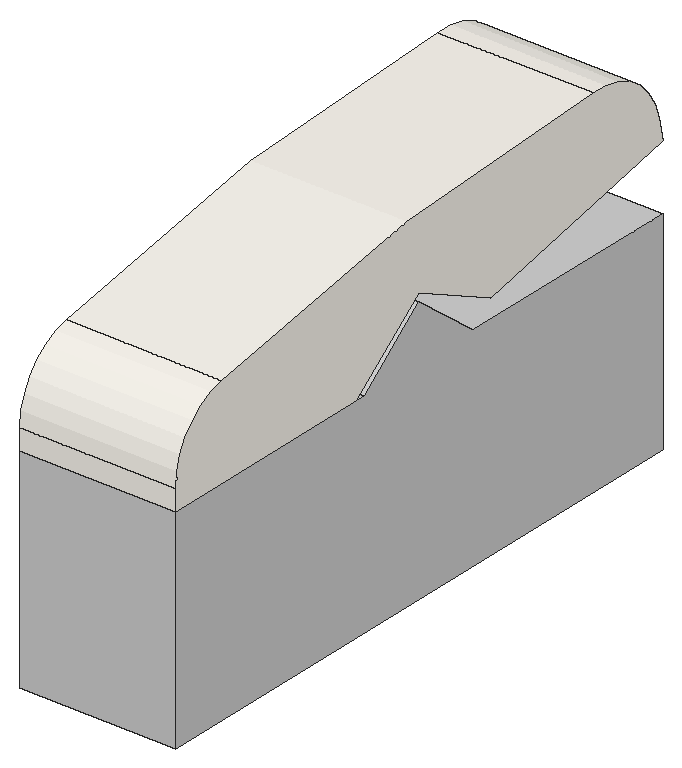
Revit family "Domotics-DomesticRanges-GEWISS-CHORUS_COMMAND-TWO-WAY_SWITCH_05M", category Apparecchi elettrici, host Superficie, Revit 2016
Family settings
  Host = Superficie
  Mantenere orientamento annotazione = Sì
  Tipo di parte = Normale
  Quota connettore circolare = Usa diametro
  Numero OmniClass = 23.80.50.11.14
  Titolo OmniClass = Switches
  Taglio con vuoti quando caricato = Sì
  Condiviso = Sì
  Punto di calcolo locali = No
Parameters (values of type "GW14061 - Titanium")
  Wiring terminals = "With screw"
  Voltage: = "250 V ac"
  Volt = 0 V
  Vista di pianta [instance] = yes
  Version file RFA = "19.0"
  URL = "https://www.gewiss.com/ww/en"
  Type = "General"
  Tipo_ = CHORUS DEVIATORI 05M_BASE : GW14054 - Titanio
  Thermo-pressure with ball = "125 °C"
  Terminal tightening capacity rigid cables (mm2) = "min. 0,5 - max. 2x2,5"
  Terminal tightening capacity flexible cables (mm2) = "min. 0,75 - max. 2x4"
  Terminal grip on cable traction = "> 50 N"
  Technical sheet = "https://www.gewiss.com/ww/en/search?q=GW14061"
  Standard; = "EN 60669-1"
  Simbolo_ = SIMBOLO DEVIATORI : DEV1P
  SIMBOLO [instance] = yes
  SEO = "2 way switch"
  Resistance at test voltage = "2000 V at 50 Hz for 1 minute"
  Realized by GEWISS S.p.A. = ""
  Prolonged operation (no.of position changes) = "40.000 at In 250 V ac cosØ=0,6"
  Produttore = "GEWISS S.p.A."
  Offset pulsante [instance] = 0 mm
  Offset bidimensionale [instance] = 2 mm
  No. Chorus modules = "1/2"
  N. poli = 1
  Modello = "GW14061"
  Larghezza pulsante = 11.5 mm
  Insulation resistance = "> 5 MOhm"
  IFC.TypeObject = ""
  IFC.ExportType = ""
  IFC.ExportAs = ""
  IDT = "787a1ab5-a9e8-46ba-8a65-4ed75fbb2ff2"
  IDF = "cabf7e10-7a13-426c-a593-8463eb0fb710"
  Glow Wire Test = "850°C"
  Electrocod = "0130"
  EAN code = "8011564265585"
  Distanza_x [instance] = 0 mm
  Distanza_effettiva_x [instance] = 1500 mm - Distanza_x  # 1500 mm
  Default Elevation = 1219.2 mm
  Immagine tipo = GW14061.jpg
  Descrizione = "2-WAY SWITCH, 1/2M 1P 10AX TITANIUM"
  Description: = "1P - 10AX"
  Colour = "Titanium"
  Category = "Two-way switch"
  Catalogue Range = "CHORUS - DOMESTIC RANGE"
  Catalogue = "DOMOTICS"
  Carico apparente = 0 VA
  COBie.Tagnumber = ""
  COBie.CreatedOn = ""
  COBie.CreatebBy = ""
  COBie.ComponentRegisterItemID = ""
  COBie.Component.TagNumber = ""
  COBie.Component.Space = ""
  COBie.Component.SerialNumber = ""
  COBie.Component.InstallationDate = ""
  COBie.Component.Description = ""
  COBie.Component.BarCode = ""
  Button key = "Neutral"
  Breaking capacity: = "1.25 In (200 position changes)"
Types (3, lengths in mm): name | Tipo_ | Technical sheet | Modello | IDT | EAN code | Immagine tipo | Descrizione | Colour
  GW12061 - Black | CHORUS DEVIATORI 05M_BASE : GW12054 - Nero | "https://www.gewiss.com/ww/en/search?q=GW12061" | "GW12061" | "56ecccb0-b7ad-4daf-91dd-3408d16d9a8c" | "8011564269347" | GW12061.jpg | "2-WAY SWITCH, 1/2M 1P 10AX BLACK" | "Black"
  GW10061 - White | CHORUS DEVIATORI 05M_BASE : GW10054 - Bianco | "https://www.gewiss.com/ww/en/search?q=GW10061" | "GW10061" | "30b1a019-5209-4307-b6bc-74a945fa1663" | "8011564261013" | GW10061.jpg | "2-WAY SWITCH, 1/2M 1P 10AX WHITE" | "White"
  GW14061 - Titanium | CHORUS DEVIATORI 05M_BASE : GW14054 - Titanio | "https://www.gewiss.com/ww/en/search?q=GW14061" | "GW14061" | "787a1ab5-a9e8-46ba-8a65-4ed75fbb2ff2" | "8011564265585" | GW14061.jpg | "2-WAY SWITCH, 1/2M 1P 10AX TITANIUM" | "Titanium"
Reference planes
  plane 1 "Centro (Fronte/Retro)": y = 0
  plane 2: z = 0
  plane 3 "Centro (Sinistra/Destra)": x = 0
  plane 4: z = 0
  plane 5 "piano bidimensionale": z = 28
  plane 6: x = -5.75
  plane 7: x = 5.75
  plane 8: z = 26
  plane 9: x = -1500
  plane 10: x = 0
  plane 11: y = 50
Lines and regions (mm)
  Masking region 1, visible <- "Vista di pianta"
    outline origin (0, 0, 0) x (1, 0, 0) y (0, 0, 1)
      loop
        line (-5.75, 26) -> (-5.75, 0) -> (5.75, 0) -> (5.75, 26) -> (-5.75, 26)
  Masking region 2, detail levels coarse
    outline origin (0, 0, 0) x (0, 1, 0) y (0, 0, 1)
      loop
        line (-22.5, 0) -> (22.519, 0) -> (22.519, 28) -> (-22.5, 28) -> (-22.5, 0)
  model lines, style "pulsanti", detail levels coarse
    curve 1: line (-5.75, 22.519, 28) -> (5.75, 22.519, 28)
    curve 2: line (-5.75, -22.5, 28) -> (-5.75, 22.519, 28)
    curve 3: line (5.75, -22.5, 28) -> (-5.75, -22.5, 28)
    curve 4: line (5.75, 22.519, 28) -> (5.75, -22.5, 28)
Dimensions and locks
  "Offset pulsante": plane 4 to host face
  equal spacing: plane 6, plane 3 "Centro (Sinistra/Destra)", plane 7
  "Larghezza pulsante": plane 6 to plane 7
  locked: plane 8 to plane 4 at 26
  plane 9 to plane 3 "Centro (Sinistra/Destra)" = 1500 mm
  "Distanza_effettiva_x": plane 9 to plane 10
  plane 11 to plane 1 "Centro (Fronte/Retro)" = 50 mm
  "Offset bidimensionale": plane 5 "piano bidimensionale" to plane 8
  aligned and locked: plane 2 to host face
  aligned and locked: level to host face
  aligned and locked: nested 1 to plane 4
  aligned and locked: curve 2 to nested 1
  aligned and locked: curve 3 to nested 1
  aligned and locked: curve 4 to nested 1
  aligned and locked: Masking region 1 sketch curve to plane 8
  aligned and locked: plane 6 to Masking region 1 sketch curve
  aligned and locked: plane 4 to Masking region 1 sketch curve
  aligned and locked: Masking region 1 sketch curve to nested 1
  aligned and locked: plane 10 to nested 2
  aligned and locked: nested 2 to plane 11
  aligned and locked: Masking region 2 sketch curve to nested 1  (x2)
  aligned and locked: Masking region 2 sketch curve to curve 2
Automatic sketch dimensions
  host sketch curve to host sketch curve = 2438.4 mm  (x2)
  curve 1 to plane 1 "Centro (Fronte/Retro)" = 22.519 mm
  Masking region 2 sketch curve to plane 1 "Centro (Fronte/Retro)" = 22.519 mm
Nested families
  nested 1: "CHORUS DEVIATORI 05M_BASE" at (0, 0, 0), type <- "Tipo_", type "GW14054 - Titanio", detail levels medium+fine
  nested 2: "SIMBOLO DEVIATORI" at (0, 50, 0), type <- "Simbolo_", SIMBOLO <- "SIMBOLO", type "DEV1P"
    with SIMBOLO yes, Distanza dal muro 0 mm, BORDO ACCESO yes
Connectors
  electrical at (0, 0, 0), driven by "N. poli", driven by "Volt", driven by "Carico apparente"
    settings: on nested 1, index 1, voltage 0 V, apparent load 0 VA, apparent load phase1 0 VA, apparent load phase2 0 VA, apparent load phase3 0 VA, power factor 1, load classification "Other", number of poles 1, system type 31, power factor state 1, is connector primary yes, connector utility no, sub classification motor no, connector description ""
Definition of nested family "CHORUS DEVIATORI 05M_BASE"
  Parameters (values of type "GW10054 - Bianco")
    Supporto = none
    Pulsante = none
    Profondità suporto = 15.673 mm
    Larghezza pulsante = 11.5 mm
    Bidimensionale = 36.414 mm
    Altezza pulsante = 45 mm
  Types (3): name
    GW12054 - Nero
    GW14054 - Titanio
    GW10054 - Bianco
  Reference planes
    plane 1 "Centro (Fronte/Retro)": y = 0
    plane 2: z = 0
    plane 3 "Centro (Sinistra/Destra)": x = 0
    plane 4: y = -22.5
    plane 5: y = 22.5
    plane 6: x = -5.75
    plane 7: x = 5.75
    plane 8: z = 15.673
    plane 9 "PIANO BIDIMENSIONALE": z = 36.414
  Forms (mm)
    Extrusion 1, solid, material <- "Supporto"
      sketch origin (0, 0, 0) x (0, 1, 0) y (0, 0, 1)
        loop
          line (-22.5, 0) -> (22.5, 0) -> (22.5, 15.673) -> (5, 15.673) -> (0, 19.673) -> (-5, 15.673) -> (-22.5, 15.673) -> (-22.5, 0)
      from -5.75 to 5.75
    Extrusion 2, solid, material <- "Pulsante"
      sketch origin (0, 0, 0) x (0, 1, 0) y (0, 0, 1)
        loop
          line (-22.5, 15.673) -> (-5.8, 15.673) -> (0, 20.313) -> (6.657, 17.02) -> (22.519, 20.482) -> (22.148, 22.183)
          arc (22.148, 22.183) -> (19.948, 25.458) -> (16.125, 26.433) r 5.53
          arc (16.125, 26.433) -> (-1.159, 25.53) -> (-18.194, 22.47) r 137.99
          arc (-18.194, 22.47) -> (-21.286, 20.607) -> (-22.5, 17.207) r 5.368
          line (-22.5, 17.207) -> (-22.5, 15.673)
      from -5.75 to 5.75
  Lines and regions (mm)
    Masking region 1
      outline origin (0, 0, 36.414) x (-1, 0, 0) y (0, -1, 0)
        loop
          line (5.75, -22.519) -> (5.75, 22.5) -> (-5.75, 22.5) -> (-5.75, -22.519) -> (5.75, -22.519)
  Dimensions and locks
    equal spacing: plane 4, plane 1 "Centro (Fronte/Retro)", plane 5
    plane 4 to plane 5 = 45 mm
    equal spacing: plane 6, plane 3 "Centro (Sinistra/Destra)", plane 7
    "Larghezza pulsante": plane 6 to plane 7
    equal spacing: plane 5, plane 1 "Centro (Fronte/Retro)", plane 4
    "Altezza pulsante": plane 5 to plane 4
    "Profondità suporto": plane 8 to plane 2
    "Bidimensionale": plane 9 "PIANO BIDIMENSIONALE" to level
    aligned and locked: level to plane 2
    aligned and locked: Extrusion 1 sketch curve to plane 4
    aligned and locked: plane 5 to Extrusion 1 sketch curve
    aligned and locked: Extrusion 1 sketch curve to plane 2
    aligned and locked: Extrusion 1 to plane 6
    aligned and locked: plane 7 to Extrusion 1
    aligned and locked: Extrusion 2 to plane 6
    aligned and locked: plane 7 to Extrusion 2
    aligned and locked: Masking region 1 sketch curve to Extrusion 2  (x3)
    aligned and locked: Masking region 1 sketch curve to Extrusion 1
  Automatic sketch dimensions
    plane 8 to Extrusion 1 sketch curve = 0 mm  (x2)
    Extrusion 1 sketch curve to plane 1 "Centro (Fronte/Retro)" = 0 mm
    Extrusion 1 sketch curve to plane 1 "Centro (Fronte/Retro)" = 5 mm
    Extrusion 1 sketch curve to plane 8 = 4 mm
    Extrusion 2 sketch curve to plane 4 = 0 mm
    plane 8 to Extrusion 2 sketch curve = 0 mm
    Extrusion 2 sketch curve to plane 1 "Centro (Fronte/Retro)" = 0 mm
    Extrusion 2 sketch curve to plane 8 = 1.535 mm
    Extrusion 2 sketch curve to plane 8 = 1.347 mm
    Extrusion 2 sketch curve to plane 1 "Centro (Fronte/Retro)" = 6.657 mm
    Extrusion 2 sketch curve to plane 5 = 7.827 mm
    Extrusion 2 sketch curve to plane 5 = 5.74 mm
    Extrusion 2 sketch curve to plane 5 = 0.352 mm
    plane 5 to Extrusion 2 sketch curve = 0.019 mm
    Extrusion 2 sketch curve to level = 111.549 mm
    Extrusion 2 sketch curve to plane 8 = 4.64 mm
    Extrusion 2 sketch curve to plane 8 = 4.81 mm
    Extrusion 2 sketch curve to Extrusion 2 sketch curve = 1.243 mm
    plane 1 "Centro (Fronte/Retro)" to Extrusion 1 sketch curve = 5 mm
    Extrusion 2 sketch curve to Extrusion 2 sketch curve = 5.368 mm
    plane 1 "Centro (Fronte/Retro)" to Extrusion 2 sketch curve = 5.8 mm
    plane 4 to Extrusion 2 sketch curve = 4.306 mm
Definition of nested family "SIMBOLO DEVIATORI"
  Parameters (values of type "DEVDOPPIO")
    Simbolo = SIMBOLO DEVIATORI_BASE : DEVDOPPIO
    SIMBOLO [instance] = yes
    Distanza dal muro [instance] = 4.208 mm
    BORDO ACCESO [instance] = yes
  Types (4, lengths in mm): name | Simbolo
    DEV1P | SIMBOLO DEVIATORI_BASE : DEV1P
    DEV1PLUM | SIMBOLO DEVIATORI_BASE : DEV1PLUM
    DEVCHIAVE | SIMBOLO DEVIATORI_BASE : DEVCHIAVE
    DEVDOPPIO | SIMBOLO DEVIATORI_BASE : DEVDOPPIO
  Reference planes
    plane 1: y = 0
    plane 2: x = 0
  Dimensions and locks
    aligned and locked: plane 2 to nested 1
    aligned and locked: plane 1 to nested 1
  Nested families
    nested 1: "SIMBOLO DEVIATORI_BASE" at (0, 0, 0), type <- "Simbolo", BORDO ACCESO <- "BORDO ACCESO", visible <- "SIMBOLO", type "DEVDOPPIO"
      with BORDO ACCESO yes
  Definition of nested family "SIMBOLO DEVIATORI_BASE"
    Parameters (values of type "DEVDOPPIO")
      chiave = no
      DEVDOPPIO = yes
      DEV1PLUM = no
      DEV1P = no
      Distanza dal muro = 4.208 mm
      BORDO ACCESO [instance] = yes
    Types (4, lengths in mm): name | chiave | DEVDOPPIO | DEV1PLUM | DEV1P
      DEV1P | no | no | no | yes
      DEV1PLUM | no | no | yes | yes
      DEVCHIAVE | yes | no | no | yes
      DEVDOPPIO | no | yes | no | no
    Reference planes
      plane 1: y = 0
      plane 2: x = 0
    Lines and regions (mm)
      detail lines, visible <- "DEV1P"
        curve 1: circle (0, 1.25, 0) r 0.389 normal (0, 0, 1)
        curve 2: line (0.223, 1.568, 0) -> (0.567, 2.059, 0)
        curve 3: line (0.567, 2.059, 0) -> (0.838, 1.865, 0)
        curve 4: line (-0.223, 0.932, 0) -> (-0.567, 0.441, 0)
        curve 5: line (-0.567, 0.441, 0) -> (-0.838, 0.635, 0)
      detail lines, visible <- "DEV1PLUM"
        curve 6: line (-0.275, 1.525, 0) -> (0.275, 0.975, 0)
        curve 7: line (0.275, 1.525, 0) -> (-0.275, 0.975, 0)
      detail lines, visible <- "chiave"
        curve 8: line (0, 1.525, 0) -> (0, 0.975, 0)
      detail lines, visible <- "DEVDOPPIO"
        curve 9: circle (-0.355, 1.267, 0) r 0.223 normal (0, 0, 1)
        curve 10: line (-0.227, 1.45, 0) -> (-0.029, 1.732, 0)
        curve 11: line (-0.029, 1.732, 0) -> (0.127, 1.621, 0)
        curve 12: line (-0.483, 1.083, 0) -> (-0.681, 0.801, 0)
        curve 13: line (-0.681, 0.801, 0) -> (-0.837, 0.912, 0)
        curve 14: circle (-0.355, 1.267, 0) r 0.223 normal (0, 0, 1)
        curve 15: line (-0.227, 1.45, 0) -> (-0.029, 1.732, 0)
        curve 16: line (-0.029, 1.732, 0) -> (0.127, 1.621, 0)
        curve 17: line (-0.483, 1.083, 0) -> (-0.681, 0.801, 0)
        curve 18: line (-0.681, 0.801, 0) -> (-0.837, 0.912, 0)
        curve 19: circle (0.346, 1.267, 0) r 0.223 normal (0, 0, 1)
        curve 20: line (0.474, 1.45, 0) -> (0.672, 1.732, 0)
        curve 21: line (0.672, 1.732, 0) -> (0.828, 1.621, 0)
        curve 22: line (0.218, 1.083, 0) -> (0.02, 0.801, 0)
        curve 23: line (0.02, 0.801, 0) -> (-0.136, 0.912, 0)
